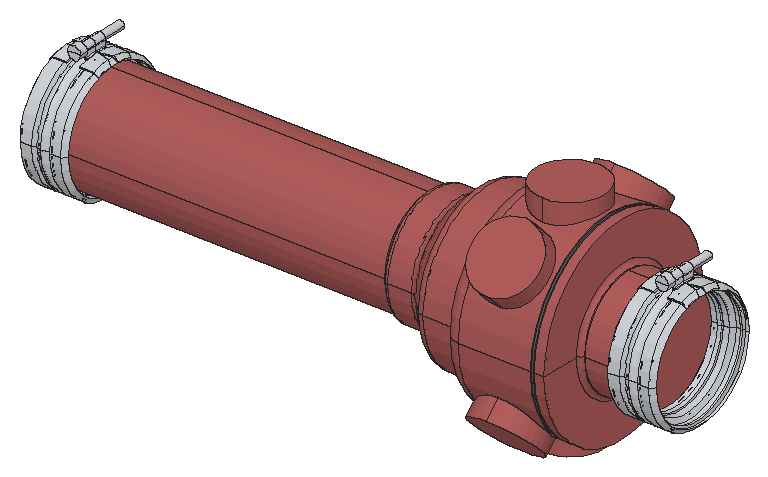
Revit family "PBUK_ES_Manifold Connector_EF095_NG", category Pipe Fittings, Revit 2024
Family settings
  Round Connector Dimension = Use Diameter
  Part Type = Union
  OmniClass Number = 23.60.30.11.14
  OmniClass Title = Pipework Fittings
  Work Plane-Based = No
  Always vertical = Yes
  Cut with Voids When Loaded = No
  Shared = No
Parameters (values of type "DN100x50mm")
  Weight = size_lookup(Lookup Table Name, "Poids", 0.00 kg, Nominal Diameter)  # 12.80 kg
  WarrantyStartDate [instance] = "Please Record On Commissioning"
  WarrantyGuarantorParts = "technical.uk@pambuilding.com"
  WarrantyGuarantorLabour = "N/A"
  WarrantyDurationUnit = "Years"
  WarrantyDurationParts = "0"
  WarrantyDurationLabour = "0"
  WarrantyDescription = "N/A"
  URL = "www.pambuilding.co.uk"
  Type IFC Predefined Type = "JUNCTION"
  TagNumber [instance] = "Please Record On Commissioning"
  System Fire Rating = "A1"  # constant formula
  Symbol Length = Nominal Diameter * 0.6  # 60 mm
  Standard = "EN 877"  # constant formula
  Show Coupling 2 [instance] = yes
  Show Coupling 1 [instance] = yes
  SerialNumber [instance] = "Please Record On Commissioning"
  Quality Marks = "Kitemark KM 51733"  # constant formula
  Product URL = "https://source.thenbs.com/product/ensign-agilium-pipes-and-fittings/odGdd3woqo2ivn36LowFqJ/xp98iyxJDKXNKK66AMoSfU"
  Product Code = size_lookup(Lookup Table Name, "REF-STD", 0, Nominal Diameter)  # 261138
  NominalWidth = B  # 165 mm
  NominalLength = Length  # 582 mm
  NominalHeight = B  # 165 mm
  Nominal Diameter = 100 mm
  ModelNumber = size_lookup(Lookup Table Name, "", "N/A", Nominal Diameter)  # "EF095"
  Model = ""
  Max Cut-Off Length = 300 mm  # constant formula
  Material Fire Rating = "A1"  # constant formula
  Material = "Cast Iron"  # constant formula
  Manufacturer Product Range = "ENSIGN AGILIUM Soil"  # constant formula
  Manufacturer = "Pam Building UK"  # constant formula
  Lookup Table Name = "EF095_Multi-Waste Manifold Connector"  # constant formula
  Length = size_lookup(Lookup Table Name, "Length", 0 mm, Nominal Diameter)  # 582 mm
  Keynote = "Manifold"  # constant formula
  K = size_lookup(Lookup Table Name, "K", 0 mm, Nominal Diameter)  # 5.4 mm
  J = size_lookup(Lookup Table Name, "J", 0 mm, Nominal Diameter)  # 73 mm
  InstallationDate [instance] = "Please Record On Commissioning"
  Inlet Nominal Diameter = 50 mm
  Inlet Length = I / 2 + 15 mm  # 115 mm
  Inlet External Diameter = 70 mm  # constant formula
  I = size_lookup(Lookup Table Name, "I", 0 mm, Nominal Diameter)  # 200 mm
  H = size_lookup(Lookup Table Name, "H", 0 mm, Nominal Diameter)  # 32.85 mm
  G = size_lookup(Lookup Table Name, "G", 0 mm, Nominal Diameter)  # 30.8 mm
  F = size_lookup(Lookup Table Name, "F", 0 mm, Nominal Diameter)  # 22.93 mm
  Export Type to IFC As = "IfcPipeFittingType"
  E = size_lookup(Lookup Table Name, "E", 0 mm, Nominal Diameter)  # 7.07 mm
  Dx [instance] = if(and([Cut-Off Spigot Length] > 0 mm, [Cut-Off Spigot Length] < [Max Cut-Off Length] + 0.1 mm), D - [Cut-Off Spigot Length], D)  # 340 mm
  DurationUnit = "Years"
  Dext = size_lookup(Lookup Table Name, "Dext", 0 mm, Nominal Diameter)  # 110 mm
  Description = "Multi-Waste Manifold Connector"  # constant formula
  Default Elevation = 0 mm
  D = size_lookup(Lookup Table Name, "D", 0 mm, Nominal Diameter)  # 340 mm
  D1 = size_lookup(Lookup Table Name, "D1", 0 mm, Nominal Diameter)  # 3.55 mm
  Cut-Off Spigot Length [instance] = 0 mm
  CreatedOn = "2019-12-15T10:00:00"
  CreatedBy = "technical.uk@pambuilding.com"
  Coupling Rotation 2 [instance] = 90.00°
  Coupling Rotation 1 [instance] = 90.00°
  Connection Gap 2 [instance] = if(Show Coupling 2, size_lookup(Lookup Table Name, "ConnectionGap", 0 mm, Nominal Diameter), 0 mm)  # 4 mm
  Connection Gap 1 [instance] = if(Show Coupling 1, size_lookup(Lookup Table Name, "ConnectionGap", 0 mm, Nominal Diameter), 0 mm)  # 4 mm
  ClassificationValue = "Pr_65_52_03_12"
  ClassificationName = "Uniclass2015"
  C = size_lookup(Lookup Table Name, "C", 0 mm, Nominal Diameter)  # 45 mm
  BarCode [instance] = "Please Record On Commissioning"
  B = size_lookup(Lookup Table Name, "B", 0 mm, Nominal Diameter)  # 165 mm
  AssetType = "Fixed"
  AssetIdentifier [instance] = "Please Record On Commissioning"
  A = size_lookup(Lookup Table Name, "A", 0 mm, Nominal Diameter)  # 120 mm
Types (2, lengths in mm): name | Weight | Symbol Length | Product Code | NominalWidth | NominalLength | NominalHeight | Nominal Diameter | Length | K | J | Inlet Length | I | H | G | F | E | Dx | Dext | D | D1 | Coupling Rotation 2 | Coupling Rotation 1 | C | B | A
  DN100x50mm | 12.80 kg | 60 | 261138 | 165 | 582 | 165 | 100 | 582 | 5.4 | 73 | 115 | 200 | 32.85 | 30.8 | 22.93 | 7.07 | 340 | 110 | 340 | 3.55 | 90.00° | 90.00° | 45 | 165 | 120
  DN150x50mm | 17.30 kg | 90 | 261434 | 220 | 591 | 220 | 150 | 591 | 1.9 | 76.5 | 132.5 | 235 | 26.5 | 33.3 | 25.85 | 7.9 | 345 | 160 | 345 | 4.35 | 0.00° | 0.00° | 55 | 220 | 170
Reference planes
  plane 1 "Center (Front/Back)": y = 0
  plane 2: z = 0
  plane 3 "Center (Left/Right)": x = 0
  plane 4: x = 98.5
  plane 5: x = -38.5
  plane 6: x = -483.5
  plane 7: x = -143.5
  plane 8: x = 53.5
  plane 9: y = 60
  plane 10: y = -60
  plane 11: y = 82.5
  plane 12: y = -82.5
  plane 13: x = -136.43
  plane 14: x = -113.5
  plane 15: x = -82.7
  plane 16: y = 55
  plane 17: y = -55
  plane 18: x = -139.95
  plane 19: x = -106.43
  plane 20: y = 62.93
  plane 21: x = -89.77
  plane 22: x = -49.85
  plane 23: y = 100
  plane 24: y = -100
  plane 25: x = 39.9
  plane 26: x = -33.1
  plane 27: y = 100
  plane 28: y = -100
  plane 29: y = 100
  plane 30: y = -100
  plane 31: y = 55
  plane 32: y = -55
  plane 33: x = 58.5
  plane 34: z = 100
  plane 35: z = -100
  plane 36: x = -483.5
  plane 37: x = -487.5
  plane 38: x = 102.5
Forms (mm)
  Revolve 1, solid, material "PAM Cast iron - Ensign Soil", detail levels fine
    sketch origin (0, 0, 0) x (1, 0, 0) y (0, 1, 0)
      loop
        line (-143.5, 55) -> (-143.5, 0) -> (39.9, 0) -> (39.9, 100) -> (-33.1, 100)
        arc (-33.1, 100) -> (-45.212, 94.827) -> (-49.85, 82.5) r 16.766
        line (-49.85, 82.5) -> (-82.7, 82.5)
        arc (-82.7, 82.5) -> (-86.526, 81.752) -> (-89.77, 79.59) r 9.936
        line (-89.77, 79.59) -> (-106.43, 62.93)
        arc (-106.43, 62.93) -> (-109.673, 60.762) -> (-113.5, 60) r 9.995
        line (-113.5, 60) -> (-136.43, 60)
        arc (-136.43, 60) -> (-138.335, 59.627) -> (-139.95, 58.55) r 4.951
        line (-139.95, 58.55) -> (-143.5, 55)
      axis (39.9, 0) -> (-143.5, 0)
    angle from 0 to 360
  Revolve 2, solid, material "EPDM Rubber", detail levels fine
    sketch origin (0, 0, 0) x (1, 0, 0) y (0, 1, 0)
      loop
        line (39.9, 100) -> (39.9, 0) -> (42.9, 0) -> (42.9, 100) -> (39.9, 100)
      axis (42.9, 0) -> (39.9, 0)
    angle from 0 to 360
  Revolve 3, solid, material "PAM Cast iron - Ensign Soil", detail levels fine
    sketch origin (0, 0, 0) x (1, 0, 0) y (0, 1, 0)
      loop
        line (42.9, 100) -> (42.9, 0) -> (58.5, 0) -> (58.5, 55)
        arc (58.5, 55) -> (54.964, 56.464) -> (53.5, 60) r 5
        line (53.5, 60) -> (53.5, 100) -> (42.9, 100)
      axis (58.5, 0) -> (42.9, 0)
    angle from 0 to 360
  Sweep 4, solid, material "PAM Cast iron - Ensign Soil", detail levels fine
    path in 3D
      loop
        line (0, 0, 0) -> (0, 81.317, 81.317)
    profile origin (0, 40.659, 40.659) x (0, -0.707107, 0.707107) y (1, 0, 0)
      loop
        circle (0, 0) r 35
  Sweep 5, solid, material "PAM Cast iron - Ensign Soil", detail levels fine
    path in 3D
      loop
        line (0, 0, 0) -> (0, 0, 115)
    profile origin (0, 0, 57.5) x (0, -1, 0) y (1, 0, 0)
      loop
        circle (0, 0) r 35
  Sweep 6, solid, material "PAM Cast iron - Ensign Soil", detail levels fine
    path in 3D
      loop
        line (0, 0, 0) -> (0, -81.317, 81.317)
    profile origin (0, -40.659, 40.659) x (0, -0.707107, -0.707107) y (1, 0, 0)
      loop
        circle (0, 0) r 35
  Sweep 7, solid, material "PAM Cast iron - Ensign Soil", detail levels fine
    path in 3D
      loop
        line (0, 0, 0) -> (0, 81.317, -81.317)
    profile origin (0, 40.659, -40.659) x (0, 0.707107, 0.707107) y (1, 0, 0)
      loop
        circle (0, 0) r 35
  Sweep 8, solid, material "PAM Cast iron - Ensign Soil", detail levels fine
    path in 3D
      loop
        line (0, 0, 0) -> (0, 0, -115)
    profile origin (0, 0, -57.5) x (1, 0, 0) y (0, 1, 0)
      loop
        circle (0, 0) r 35
  Sweep 9, solid, material "PAM Cast iron - Ensign Soil", detail levels fine
    path in 3D
      loop
        line (0, 0, 0) -> (0, -81.317, -81.317)
    profile origin (0, -40.659, -40.659) x (0, 0.707107, -0.707107) y (1, 0, 0)
      loop
        circle (0, 0) r 35
  Sweep 10, solid, material "PAM Cast iron - Ensign Soil", detail levels fine
    path in 3D
      loop
        line (38, 0, 0) -> (98.5, 0, 0)
    profile "Pipeline - Round : Pipeline - Round" origin (68.25, 0, 0) x (0, 1, 0) y (0, 0, 1)
      loop
        arc (-55, 0) -> (-38.891, -38.891) -> (0, -55) r 55
        arc (0, -55) -> (38.891, -38.891) -> (55, 0) r 55
        arc (55, 0) -> (38.891, 38.891) -> (0, 55) r 55
        arc (0, 55) -> (-38.891, 38.891) -> (-55, 0) r 55
  Sweep 11, solid, material "PAM Cast iron - Ensign Soil", detail levels fine
    path in 3D
      loop
        line (-483.5, 0, 0) -> (-143.5, 0, 0)
    profile "Pipeline - Round : Pipeline - Round" origin (-313.5, 0, 0) x (0, 1, 0) y (0, 0, 1)
      loop
        arc (-55, 0) -> (-38.891, -38.891) -> (0, -55) r 55
        arc (0, -55) -> (38.891, -38.891) -> (55, 0) r 55
        arc (55, 0) -> (38.891, 38.891) -> (0, 55) r 55
        arc (0, 55) -> (-38.891, 38.891) -> (-55, 0) r 55
  Sweep 12, solid, not visible
    path origin (0, 0, 0) x (1, 0, 0) y (0, 1, 0)
      loop
        line (-487.5, 0) -> (-491.52, 0)
    profile origin (-489.51, 0, 0) x (0, -1, 0) y (0, 0, 1)
      loop
        circle (0, 0) r 55
  Sweep 13, solid, not visible
    path origin (0, 0, 0) x (1, 0, 0) y (0, 1, 0)
      loop
        line (102.5, 0) -> (106.481, 0)
    profile origin (104.491, 0, 0) x (0, 1, 0) y (0, 0, 1)
      loop
        circle (0, 0) r 55
Lines and regions (mm)
  reference lines
    curve 1: line (0, 0, 0) -> (0, 0, 115)
    curve 2: line (0, 0, 0) -> (0, -81.317, 81.317)
    curve 3: line (0, 0, 0) -> (0, 81.317, 81.317)
    curve 7: line (0, 0, 0) -> (0, 0, -115)
    curve 8: line (0, 0, 0) -> (0, -81.317, -81.317)
    curve 9: line (0, 0, 0) -> (0, 81.317, -81.317)
    curve 22: line (-483.5, 0, 0) -> (-143.5, 0, 0)
    curve 24: line (38, 0, 0) -> (98.5, 0, 0)
  sketch lines
    curve 4: line (0, 0, 0) -> (0, 81.317, 81.317)
    curve 5: line (0, 0, 0) -> (0, 0, 115)
    curve 6: line (0, 0, 0) -> (0, -81.317, 81.317)
    curve 10: line (0, 0, 0) -> (0, 81.317, -81.317)
    curve 11: line (0, 0, 0) -> (0, 0, -115)
    curve 12: line (0, 0, 0) -> (0, -81.317, -81.317)
    curve 23: line (-483.5, 0, 0) -> (-143.5, 0, 0)
    curve 25: line (38, 0, 0) -> (98.5, 0, 0)
  model lines, detail levels coarse+medium
    curve 13: line (-20, 60, 0) -> (38, 60, 0)
    curve 14: line (-20, 60, 0) -> (-20, -60, 0)
    curve 15: line (-20, -60, 0) -> (38, -60, 0)
    curve 16: line (38, -60, 0) -> (38, 60, 0)
    curve 17: line (-20, 60, 0) -> (-44.749, 35.251, 0)
    curve 18: line (-20, -60, 0) -> (-44.749, -35.251, 0)
    curve 19: line (-44.749, -35.251, 0) -> (-44.749, 35.251, 0)
    curve 20: line (-44.749, 0, 0) -> (-487.5, 0, 0)
    curve 21: line (38, 0, 0) -> (102.5, 0, 0)
Dimensions and locks
  locked: plane 5 to plane 3 "Center (Left/Right)" at 38.5
  plane 6 to plane 5 = 445 mm
  "D": plane 6 to plane 7
  equal spacing: plane 9, plane 1 "Center (Front/Back)", plane 10
  "A": plane 9 to plane 10
  equal spacing: plane 11, plane 1 "Center (Front/Back)", plane 12
  "B": plane 11 to plane 12
  "E": plane 7 to plane 13
  "F": plane 13 to plane 14
  "G": plane 14 to plane 15
  equal spacing: plane 16, plane 1 "Center (Front/Back)", plane 17
  "Dext": plane 16 to plane 17
  "D1": plane 7 to plane 18
  locked: plane 14 to plane 19 at 7.07
  plane 20 to plane 9 = 2.93 mm
  locked: plane 21 to plane 15 at 7.07
  "H": plane 15 to plane 22
  equal spacing: plane 23, plane 1 "Center (Front/Back)", plane 24
  "I": plane 23 to plane 24
  "K": plane 5 to plane 26
  "J": plane 26 to plane 25
  locked: Revolve 1 to Revolve 2 sketch curve at 3
  equal spacing: plane 27, plane 1 "Center (Front/Back)", plane 28
  "I": plane 27 to plane 28
  equal spacing: plane 29, plane 1 "Center (Front/Back)", plane 30
  "I": plane 29 to plane 30
  equal spacing: plane 31, plane 1 "Center (Front/Back)", plane 32
  "Dext": plane 31 to plane 32
  locked: plane 8 to plane 33 at 5
  equal spacing: plane 34, level, plane 35
  "I": plane 34 to plane 35
  "Inlet Length": curve 3 to curve 3
  "Inlet Length": curve 2 to curve 2
  "Inlet Length": curve 1 to curve 1
  "Inlet Length": curve 9 to curve 9
  "Inlet Length": curve 7 to curve 7
  "Inlet Length": curve 8 to curve 8
  "Symbol Length": plane 1 "Center (Front/Back)" to curve 13
  "Symbol Length": curve 15 to plane 1 "Center (Front/Back)"
  "Dx": plane 36 to plane 7
  "Length": plane 6 to plane 4
  "C": plane 8 to plane 4
  "Connection Gap 2": plane 4 to plane 38
  locked: Sweep 12 sketch curve to Sweep 12 sketch curve at 4.02
  locked: Sweep 13 sketch curve to Sweep 13 sketch curve at 3.981
  "Connection Gap 1": plane 37 to plane 36
  radius of Revolve 1 sketch curve = 4.951 mm
  radius of Revolve 1 sketch curve = 9.995 mm
  radius of Revolve 1 sketch curve = 9.936 mm
  radius of Revolve 3 sketch curve = 5 mm
  "Inlet External Diameter": diameter of Sweep 4 sketch curve
  "Inlet External Diameter": diameter of Sweep 5 sketch curve
  "Inlet External Diameter": diameter of Sweep 6 sketch curve
  "Inlet External Diameter": diameter of Sweep 7 sketch curve
  "Inlet External Diameter": diameter of Sweep 8 sketch curve
  "Inlet External Diameter": diameter of Sweep 9 sketch curve
  "Dext": diameter of Sweep 12 sketch curve
  "Dext": diameter of Sweep 13 sketch curve
  locked: plane 16 to Revolve 1 sketch curve (angle 45.00°)
  locked: plane 20 to Revolve 1 sketch curve (angle 45.00°)
  locked: curve 2 to curve 1 (angle 45.00°)
  locked: curve 1 to curve 3 (angle 45.00°)
  locked: curve 7 to curve 8 (angle 45.00°)
  locked: curve 9 to curve 7 (angle 45.00°)
  locked: curve 19 to curve 17 (angle 135.00°)
  locked: curve 18 to curve 19 (angle 135.00°)
  aligned and locked: level to plane 2
  aligned and locked: plane 7 to Revolve 1 sketch curve  (x2)
  aligned and locked: plane 9 to Revolve 1 sketch curve
  aligned and locked: plane 21 to Revolve 1 sketch curve
  aligned and locked: Revolve 1 sketch curve to plane 11
  aligned and locked: Revolve 1 sketch curve to plane 1 "Center (Front/Back)"
  aligned and locked: Revolve 2 sketch curve to Revolve 1
  aligned and locked: Revolve 3 sketch curve to Revolve 2
  aligned and locked: Revolve 3 sketch curve to plane 1 "Center (Front/Back)"
  aligned and locked: Revolve 3 sketch curve to plane 27
  aligned and locked: Revolve 2 sketch curve to plane 29
  aligned and locked: Revolve 3 sketch curve to plane 8
  aligned and locked: plane 33 to Revolve 3 sketch curve
  aligned and locked: level to curve 1
  aligned and locked: curve 20 to plane 1 "Center (Front/Back)"
  aligned and locked: plane 1 "Center (Front/Back)" to curve 21
  aligned and locked: plane 36 to curve 22
  aligned and locked: plane 7 to curve 22
  aligned and locked: plane 1 "Center (Front/Back)" to curve 22
  aligned and locked: nested 1 to plane 1 "Center (Front/Back)"
  aligned and locked: plane 37 to Sweep 12 sketch curve
  aligned and locked: Sweep 12 sketch curve to plane 1 "Center (Front/Back)"
  aligned and locked: plane 38 to Sweep 13 sketch curve
  aligned and locked: plane 1 "Center (Front/Back)" to Sweep 13 sketch curve
  aligned and locked: nested 2 to Sweep 12
  aligned and locked: plane 37 to curve 20
  aligned and locked: curve 16 to curve 24
  aligned and locked: plane 4 to curve 24
  aligned and locked: plane 38 to curve 21
Automatic sketch dimensions
  plane 1 "Center (Front/Back)" to curve 24 = 0 mm
  curve 24 to plane 4 = 60.5 mm
  curve 17 to plane 5 = 6.249 mm
  plane 5 to curve 14 = 18.5 mm
  plane 1 "Center (Front/Back)" to Revolve 1 sketch curve = 0 mm
  Revolve 1 sketch curve to plane 18 = 0 mm
  Revolve 1 sketch curve to plane 13 = 0 mm
  Revolve 1 sketch curve to plane 14 = 0 mm
  Revolve 1 sketch curve to plane 19 = 0 mm
  Revolve 1 sketch curve to plane 15 = 0 mm
  Revolve 1 sketch curve to plane 22 = 0 mm
  Revolve 1 sketch curve to plane 23 = 0 mm
  Revolve 1 sketch curve to plane 26 = 0 mm
  Revolve 1 sketch curve to plane 25 = 0 mm
  Revolve 1 sketch curve to plane 16 = 0 mm
  Revolve 1 sketch curve to plane 37 = 782.044 mm
  plane 38 to Revolve 1 sketch curve = 1614.951 mm
  plane 1 "Center (Front/Back)" to Revolve 2 sketch curve = 0 mm  (x2)
  Revolve 2 sketch curve to plane 37 = 782.044 mm
  plane 38 to Revolve 2 sketch curve = 1606.951 mm
  plane 1 "Center (Front/Back)" to Revolve 3 sketch curve = 0 mm
  Revolve 3 sketch curve to plane 31 = 0 mm
  Revolve 3 sketch curve to plane 37 = 782.044 mm
  plane 38 to Revolve 3 sketch curve = 1614.951 mm
  curve 2 to plane 1 "Center (Front/Back)" = 0 mm
  Sweep 4 sketch curve to profile plane = 0 mm  (x2)
  Sweep 5 sketch curve to profile plane = 0 mm  (x2)
  Sweep 6 sketch curve to profile plane = 0 mm  (x2)
  Sweep 7 sketch curve to profile plane = 0 mm  (x2)
  profile plane to Sweep 8 sketch curve = 0 mm
  Sweep 8 sketch curve to profile plane = 0 mm
  Sweep 9 sketch curve to profile plane = 0 mm  (x2)
  Sweep 12 sketch curve to level = 0 mm
  Sweep 12 sketch curve to profile plane = 0 mm
  Sweep 13 sketch curve to level = 0 mm
  Sweep 13 sketch curve to profile plane = 0 mm
Nested families
  nested 1: "PBUK_RAPID S NG Coupling-Rotated Assembly" at (107.5, 0, 0) x (-1, 0, 0) z (0, 0, 1), visible <- "Show Coupling 2", Visibility <- "Show Coupling 2", Nominal Diameter <- "Nominal Diameter", Rotation <- "Coupling Rotation 2", type "Standard"
    with Visibility yes, Rotation 90.00°, Nominal Diameter 100 mm
  nested 2: "PBUK_RAPID S NG Coupling-Rotated Assembly" at (-487.5, 0, 0) x (-1, 0, 0) z (0, 0, 1), visible <- "Show Coupling 1", Visibility <- "Show Coupling 1", Nominal Diameter <- "Nominal Diameter", Rotation <- "Coupling Rotation 1", type "Standard"
    with Visibility yes, Rotation 90.00°, Nominal Diameter 100 mm
  nested 3: "PBUK_ES_RAPID S NG Coupling_EC002NG" at (-485.5, 0, 0) x (-1, 0, 0) z (0, 0, 1), type "Standard"
    with Weight 0.18 kg, WarrantyStartDate "", TagNumber "", SerialNumber "", Product Code 210427, NominalWidth 48 mm, NominalLength 125 mm, NominalHeight 139 mm, Nominal Diameter 100 mm, ModelNumber "EC002NG", M 8 mm, L 48 mm, IsCustom no, InstallationDate "", H 139 mm, D 125 mm, BarCode "", AssetIdentifier ""
  nested 4: "PBUK_ES_RAPID S NG Coupling_EC002NG" at (109.5, 0, 0) x (-1, 0, 0) z (0, 0, 1), type "Standard"
    with Weight 0.18 kg, WarrantyStartDate "", TagNumber "", SerialNumber "", Product Code 210427, NominalWidth 48 mm, NominalLength 125 mm, NominalHeight 139 mm, Nominal Diameter 100 mm, ModelNumber "EC002NG", M 8 mm, L 48 mm, IsCustom no, InstallationDate "", H 139 mm, D 125 mm, BarCode "", AssetIdentifier ""
Connectors
  piping at (-487.5, 0, 0), diameter 100, driven by "Nominal Diameter"
    settings: on Sweep 12, index 1, connector inside diameter 609.6 mm, connector length 0 mm, flow factor 0, pipe flow 0.0 L/s, pressure drop 0.0 Pa, fitting loss kfactor 0, connector angle 0.00°, fixture units 0, engagement length 0 mm, angle of deflection 0.00°, flow configuration 0, flow direction 0, fitting loss method 0, system type 28, joint type 0, gender type 0, connector reference index 9, connector utility 0, adjustable connector no, is connector primary yes, connector description ""
  piping at (0, 81.317, 81.317), diameter 50, driven by "Inlet Nominal Diameter"
    settings: on Sweep 4, index 3, connector inside diameter 609.6 mm, connector length 0 mm, flow factor 0, pipe flow 0.0 L/s, pressure drop 0.0 Pa, fitting loss kfactor 0, connector angle 0.00°, fixture units 0, engagement length 0 mm, angle of deflection 0.00°, flow configuration 0, flow direction 1, fitting loss method 0, system type 16, joint type 0, gender type 0, connector reference index -1, connector utility 0, adjustable connector yes, is connector primary no, connector description ""
  piping at (0, 0, 115), diameter 50, driven by "Inlet Nominal Diameter"
    settings: on Sweep 5, index 4, connector inside diameter 609.6 mm, connector length 0 mm, flow factor 0, pipe flow 0.0 L/s, pressure drop 0.0 Pa, fitting loss kfactor 0, connector angle 0.00°, fixture units 0, engagement length 0 mm, angle of deflection 0.00°, flow configuration 0, flow direction 1, fitting loss method 0, system type 16, joint type 0, gender type 0, connector reference index -1, connector utility 0, adjustable connector yes, is connector primary no, connector description ""
  piping at (0, -81.317, 81.317), diameter 50, driven by "Inlet Nominal Diameter"
    settings: on Sweep 6, index 5, connector inside diameter 609.6 mm, connector length 0 mm, flow factor 0, pipe flow 0.0 L/s, pressure drop 0.0 Pa, fitting loss kfactor 0, connector angle 0.00°, fixture units 0, engagement length 0 mm, angle of deflection 0.00°, flow configuration 0, flow direction 1, fitting loss method 0, system type 16, joint type 0, gender type 0, connector reference index -1, connector utility 0, adjustable connector yes, is connector primary no, connector description ""
  piping at (0, -81.317, -81.317), diameter 50, driven by "Inlet Nominal Diameter"
    settings: on Sweep 9, index 6, connector inside diameter 609.6 mm, connector length 0 mm, flow factor 0, pipe flow 0.0 L/s, pressure drop 0.0 Pa, fitting loss kfactor 0, connector angle 0.00°, fixture units 0, engagement length 0 mm, angle of deflection 0.00°, flow configuration 0, flow direction 1, fitting loss method 0, system type 16, joint type 0, gender type 0, connector reference index -1, connector utility 0, adjustable connector yes, is connector primary no, connector description ""
  piping at (0, 0, -115), diameter 50, driven by "Inlet Nominal Diameter"
    settings: on Sweep 8, index 7, connector inside diameter 609.6 mm, connector length 0 mm, flow factor 0, pipe flow 0.0 L/s, pressure drop 0.0 Pa, fitting loss kfactor 0, connector angle 0.00°, fixture units 0, engagement length 0 mm, angle of deflection 0.00°, flow configuration 0, flow direction 1, fitting loss method 0, system type 16, joint type 0, gender type 0, connector reference index -1, connector utility 0, adjustable connector yes, is connector primary no, connector description ""
  piping at (0, 81.317, -81.317), diameter 50, driven by "Inlet Nominal Diameter"
    settings: on Sweep 7, index 8, connector inside diameter 609.6 mm, connector length 0 mm, flow factor 0, pipe flow 0.0 L/s, pressure drop 0.0 Pa, fitting loss kfactor 0, connector angle 0.00°, fixture units 0, engagement length 0 mm, angle of deflection 0.00°, flow configuration 0, flow direction 1, fitting loss method 0, system type 16, joint type 0, gender type 0, connector reference index -1, connector utility 0, adjustable connector yes, is connector primary no, connector description ""
  piping at (102.5, 0, 0), diameter 100, driven by "Nominal Diameter"
    settings: on Sweep 13, index 9, connector inside diameter 609.6 mm, connector length 0 mm, flow factor 0, pipe flow 0.0 L/s, pressure drop 0.0 Pa, fitting loss kfactor 0, connector angle 0.00°, fixture units 0, engagement length 0 mm, angle of deflection 0.00°, flow configuration 0, flow direction 0, fitting loss method 0, system type 28, joint type 0, gender type 0, connector reference index 1, connector utility 0, adjustable connector no, is connector primary no, connector description ""
Definition of nested family "PBUK_ES_RAPID S NG Coupling_EC002NG"
  Parameters (values of type "Standard")
    Weight [instance] = size_lookup(Lookup Table Name, "Poids", 0.00 kg, Nominal Diameter)  # 0.18 kg
    WarrantyStartDate [instance] = "Please Record On Commissioning"
    WarrantyGuarantorParts = "technical.uk@pambuilding.com"
    WarrantyGuarantorLabour = "N/A"
    WarrantyDurationUnit = "Years"
    WarrantyDurationParts = "0"
    WarrantyDurationLabour = "0"
    WarrantyDescription = "N/A"
    URL = "www.pambuilding.co.uk"
    Type IFC Predefined Type = "TRANSITION"
    TagNumber [instance] = "Please Record On Commissioning"
    System Fire Rating = "A1"  # constant formula
    Standard = "EN 877"  # constant formula
    SerialNumber [instance] = "Please Record On Commissioning"
    Quality Marks = "Kitemark KM 51733"  # constant formula
    Product URL = "https://source.thenbs.com/product/ensign-agilium-pipes-and-fittings/odGdd3woqo2ivn36LowFqJ/xp98iyxJDKXNKK66AMoSfU"
    Product Code [instance] = size_lookup(Lookup Table Name, "REF-STD", 0, Nominal Diameter)  # 210427
    NominalWidth [instance] = L  # 48 mm
    NominalLength [instance] = D  # 125 mm
    NominalHeight [instance] = H  # 139 mm
    Nominal Diameter [instance] = 100 mm
    ModelNumber [instance] = size_lookup(Lookup Table Name, "", "N/A", Nominal Diameter)  # "EC002NG"
    Material Fire Rating = "A1"  # constant formula
    Material = "Stainless Steel"  # constant formula
    Manufacturer Product Range = "ENSIGN AGILIUM Soil"  # constant formula
    Lookup Table Name = "EC002NG_RAPID S NG coupling"
    Model = ""
    M [instance] = size_lookup(Lookup Table Name, "M", 0 mm, Nominal Diameter)  # 8 mm
    L [instance] = size_lookup(Lookup Table Name, "L", 0 mm, Nominal Diameter)  # 48 mm
    Keynote = "Coupling"  # constant formula
    IsCustom [instance] = no
    InstallationDate [instance] = "Please Record On Commissioning"
    H [instance] = size_lookup(Lookup Table Name, "H", 0 mm, Nominal Diameter)  # 139 mm
    Gasket Material = "EPDM"  # constant formula
    Manufacturer = "Pam Building UK"  # constant formula
    Export Type to IFC As = "IfcPipeFittingType"
    DurationUnit = "Years"
    Description = "Stainless Steel RAPID NG Coupling"  # constant formula
    Default Elevation = 0 mm
    D [instance] = size_lookup(Lookup Table Name, "D", 0 mm, Nominal Diameter)  # 125 mm
    CreatedOn = "2019-12-15T10:00:00"
    CreatedBy = "technical.uk@pambuilding.com"
    ClassificationValue = "Pr_65_52_03_12"
    ClassificationName = "Uniclass2015"
    BarCode [instance] = "Please Record On Commissioning"
    AssetType = "Fixed"
    AssetIdentifier [instance] = "Please Record On Commissioning"
  Reference planes
    plane 1 "Centre (avant/arrière)": y = 0
    plane 2: z = 0
    plane 3 "Centre (gauche/droite)": x = 0
    plane 4: z = 76.5
    plane 5: z = -62.5
    plane 6: z = 62.5
    plane 7: z = 69.5
    plane 8: x = -24
    plane 9: y = 62.5
    plane 10: x = 24
    plane 11: y = -62.5
    plane 12: y = -58.5
    plane 13: x = -20
    plane 14: x = -7
    plane 15: x = -9
    plane 16: x = 20
    plane 17: x = 7
    plane 18: x = 9
    plane 19: x = -8
    plane 20: x = 8
    plane 21: y = -61
    plane 22: y = -60.5
    plane 23: y = -57.089
    plane 24: y = -55.579
    plane 25: y = -52.089
    plane 26: x = -2
    plane 27: x = -19.5
    plane 28: x = -10
    plane 29: x = 19.5
    plane 30: x = 10
    plane 31: x = -17.5
    plane 32: x = 17.5
    plane 33: y = -53.579
    plane 34: x = 2
    plane 35: x = -21.9
    plane 36: x = -19.4
    plane 37: x = 21.9
    plane 38: x = 19.4
  Forms (mm)
    Revolve 1, solid, detail levels fine
      sketch origin (0, 0, 0) x (1, 0, 0) y (0, 1, 0)
        loop
          line (-24, -58.5) -> (-20, -62.5) -> (-9, -62.5) -> (-7, -58.5)
          arc (-7, -58.5) -> (-4.031, -61.429) -> (0, -62.5) r 8.125
          arc (0, -62.5) -> (4.031, -61.429) -> (7, -58.5) r 8.125
          line (7, -58.5) -> (9, -62.5) -> (21, -62.5) -> (24, -58.5) -> (21.9, -58.5) -> (19.4, -61) -> (9.927, -61) -> (7.971, -57.089) -> (6.044, -57.089)
          arc (6.044, -57.089) -> (3.599, -59.937) -> (0, -61) r 6.625
          arc (0, -61) -> (-3.599, -59.937) -> (-6.044, -57.089) r 6.625
          line (-6.044, -57.089) -> (-7.971, -57.089) -> (-9.927, -61) -> (-19.4, -61) -> (-21.9, -58.5) -> (-24, -58.5)
        axis (24, 0) -> (-24, 0)
      angle from 0 to 360
    Revolve 2, solid, detail levels fine
      sketch origin (0, 0, 0) x (1, 0, 0) y (0, 1, 0)
        loop
          line (-10, -60.5) -> (-7.844, -55.579) -> (0, -55.579) -> (7.844, -55.579) -> (10, -60.5) -> (19.5, -60.5) -> (19.5, -57.089) -> (17.5, -57.089) -> (17.5, -58.5) -> (11.307, -58.5) -> (9.152, -53.579) -> (2, -53.579) -> (2, -52.089) -> (-2, -52.089) -> (-2, -53.579) -> (-9.152, -53.579) -> (-11.307, -58.5) -> (-17.5, -58.5) -> (-17.5, -57.089) -> (-19.5, -57.089) -> (-19.5, -60.5) -> (-10, -60.5)
        axis (19.5, 0) -> (-19.5, 0)
      angle from 0 to 360
  Lines and regions (mm)
    reference lines
      curve 1: line (-24, 0, 0) -> (24, 0, 0)
  Dimensions and locks
    equal spacing: plane 6, level, plane 5
    "D": plane 6 to plane 5
    "H": plane 4 to plane 5
    equal spacing: plane 8, plane 3 "Centre (gauche/droite)", plane 10
    "L": plane 8 to plane 10
    equal spacing: plane 9, plane 1 "Centre (avant/arrière)", plane 11
    "D": plane 9 to plane 11
    equal spacing: plane 15, plane 19, plane 14
    equal spacing: plane 17, plane 20, plane 18
    equal spacing: plane 8, plane 19, plane 20, plane 10
    locked: plane 21 to plane 11 at 1.5
    locked: plane 22 to plane 21 at 0.5
    locked: plane 8 to plane 13 at 4
    locked: plane 11 to plane 12 at 4
    locked: plane 23 to plane 12 at 1.411
    plane 15 to plane 19 = 1 mm
    locked: plane 17 to plane 20 at 1
    locked: plane 16 to plane 10 at 4
    locked: plane 13 to plane 27 at 0.5
    locked: plane 16 to plane 29 at 0.5
    locked: plane 28 to plane 15 at 1
    locked: plane 30 to plane 18 at 1
    locked: plane 26 to plane 3 "Centre (gauche/droite)" at 2
    locked: plane 23 to plane 25 at 5
    locked: plane 27 to plane 31 at 2
    locked: plane 29 to plane 32 at 2
    locked: plane 24 to plane 23 at 1.51
    locked: plane 33 to plane 24 at 2
    locked: plane 3 "Centre (gauche/droite)" to plane 34 at 2
    locked: plane 35 to plane 8 at 2.1
    locked: plane 35 to plane 36 at 2.5
    locked: plane 37 to plane 10 at 2.1
    locked: plane 37 to plane 38 at 2.5
    Revolve 1 sketch curve to Revolve 1 sketch curve = 1.5 mm  (x2)
    Revolve 2 sketch curve to Revolve 2 sketch curve = 2 mm  (x2)
    equal spacing: plane 4, plane 7, plane 6
    aligned and locked: level to plane 2
    aligned and locked: plane 11 to Revolve 1 sketch curve  (x2)
    aligned and locked: plane 12 to Revolve 1 sketch curve  (x2)
    aligned and locked: plane 28 to Revolve 2 sketch curve
    aligned and locked: plane 22 to Revolve 2 sketch curve
    aligned and locked: plane 27 to Revolve 2 sketch curve
    aligned and locked: Revolve 2 sketch curve to plane 24
    aligned and locked: plane 23 to Revolve 2 sketch curve
    aligned and locked: Revolve 2 sketch curve to plane 1 "Centre (avant/arrière)"
    aligned and locked: Revolve 2 sketch curve to plane 12
    aligned and locked: plane 30 to Revolve 2 sketch curve
    aligned and locked: Revolve 2 sketch curve to plane 22
    aligned and locked: Revolve 2 sketch curve to plane 29
    aligned and locked: Revolve 2 sketch curve to plane 23
    aligned and locked: plane 12 to Revolve 2 sketch curve
    aligned and locked: plane 25 to Revolve 2 sketch curve
    aligned and locked: Revolve 2 sketch curve to plane 26
    aligned and locked: plane 32 to Revolve 2 sketch curve
    aligned and locked: plane 34 to Revolve 2 sketch curve
    aligned and locked: Revolve 2 sketch curve to Revolve 2 sketch curve
    aligned and locked: Revolve 2 sketch curve to plane 31
    aligned and locked: Revolve 1 sketch curve to plane 21
    aligned and locked: plane 35 to Revolve 1 sketch curve
    aligned and locked: Revolve 1 sketch curve to plane 12
    aligned and locked: plane 36 to Revolve 1 sketch curve
    aligned and locked: plane 38 to Revolve 1 sketch curve
    aligned and locked: plane 21 to Revolve 1 sketch curve  (x2)
    aligned and locked: plane 3 "Centre (gauche/droite)" to Revolve 1 sketch curve  (x2)
    aligned and locked: plane 17 to Revolve 1 sketch curve
    aligned and locked: plane 3 "Centre (gauche/droite)" to nested 1
    aligned and locked: plane 23 to Revolve 1 sketch curve  (x4)
    aligned and locked: plane 3 "Centre (gauche/droite)" to nested 2
    aligned and locked: plane 8 to curve 1
    aligned and locked: curve 1 to plane 2
    aligned and locked: plane 7 to nested 1
  Automatic sketch dimensions
    Revolve 2 sketch curve to plane 33 = 0 mm
    Revolve 2 sketch curve to plane 3 "Centre (gauche/droite)" = 0 mm
    Revolve 2 sketch curve to plane 15 = 0.152 mm
    Revolve 2 sketch curve to plane 18 = 0.152 mm
    Revolve 2 sketch curve to plane 8 = 1976 mm
    Revolve 2 sketch curve to plane 10 = 1976 mm
    Revolve 1 sketch curve to Revolve 1 sketch curve = 0 mm  (x3)
    plane 1 "Centre (avant/arrière)" to Revolve 1 sketch curve = 0 mm
    Revolve 1 sketch curve to plane 8 = 0 mm
    Revolve 1 sketch curve to plane 13 = 0 mm
    Revolve 1 sketch curve to plane 15 = 0 mm
    Revolve 1 sketch curve to plane 14 = 0 mm
    Revolve 1 sketch curve to plane 18 = 0 mm
    Revolve 1 sketch curve to plane 37 = 0 mm
    Revolve 1 sketch curve to plane 10 = 0 mm
    plane 11 to Revolve 1 sketch curve = 0 mm
    Revolve 1 sketch curve to plane 37 = 0.9 mm
    Revolve 1 sketch curve to plane 8 = 1976 mm
    Revolve 1 sketch curve to plane 10 = 1976 mm
    plane 10 to curve 1 = 0 mm
  Nested families
    nested 1: "Bolt" at (0, -12.32, 69.5), M <- "M", type "Standard", detail levels fine
      with T 4 mm, S 6 mm, M 8 mm, L 50 mm, K 8 mm, DK 13 mm
    nested 2: "Attachment" at (0, 0, 0), D <- "D", type "Standard", detail levels fine
      with R 4 mm, L 48 mm, H 139 mm, D 125 mm, Angle de fin -110.00°, Angle de départ -70.00°
  Definition of nested family "Bolt"
    Parameters (values of type "Standard")
      T [instance] = size_lookup(Nom de la table, "T", 0 mm, M)  # 4 mm
      S [instance] = size_lookup(Nom de la table, "S", 0 mm, M)  # 6 mm
      Nom de la table = "Vis 6 pans creux"
      L [instance] = size_lookup(Nom de la table, "L", 0 mm, M)  # 50 mm
      K [instance] = size_lookup(Nom de la table, "K", 0 mm, M)  # 8 mm
      Default Elevation = 0 mm
      DK [instance] = size_lookup(Nom de la table, "DK", 0 mm, M)  # 13 mm
      M [instance] = 8 mm
    Reference planes
      plane 1 "Centre (avant/arrière)": y = 0
      plane 2: z = 0
      plane 3 "Centre (gauche/droite)": x = 0
      plane 4: y = -8
      plane 5: y = 50
      plane 6: x = -4
      plane 7: x = 4
      plane 8: x = 6.5
      plane 9: x = -6.5
      plane 10: y = -4
      plane 11: x = -4
    Forms (mm)
      Revolve 1, solid
        sketch origin (0, 0, 0) x (1, 0, 0) y (0, 1, 0)
          loop
            line (-4, 50) -> (-4, 0) -> (0, 0) -> (0, 50) -> (-4, 50)
          axis (0, 50) -> (0, 0)
        angle from 0 to 360
      Revolve 2, solid
        sketch origin (0, 0, 0) x (1, 0, 0) y (0, 1, 0)
          loop
            line (-6.5, 0) -> (-6.5, -8) -> (0, -8) -> (0, 0) -> (-6.5, 0)
          axis (0, 0) -> (0, -8)
        angle from 0 to 360
    Dimensions and locks
      equal spacing: plane 9, plane 3 "Centre (gauche/droite)", plane 8
      equal spacing: plane 6, plane 3 "Centre (gauche/droite)", plane 7
      "L": plane 5 to plane 1 "Centre (avant/arrière)"
      "K": plane 1 "Centre (avant/arrière)" to plane 4
      "DK": plane 9 to plane 8
      "M": plane 6 to plane 7
      "T": plane 10 to plane 4
      locked: plane 11 to plane 6
      aligned and locked: level to plane 2
      aligned and locked: Revolve 1 sketch curve to plane 5
      aligned and locked: plane 6 to Revolve 1 sketch curve
      aligned and locked: Revolve 1 sketch curve to plane 1 "Centre (avant/arrière)"
      aligned and locked: Revolve 1 sketch curve to plane 3 "Centre (gauche/droite)"  (x2)
      aligned and locked: plane 9 to Revolve 2 sketch curve
      aligned and locked: plane 4 to Revolve 2 sketch curve
      aligned and locked: Revolve 2 sketch curve to plane 3 "Centre (gauche/droite)"  (x2)
      aligned and locked: plane 1 "Centre (avant/arrière)" to Revolve 2 sketch curve
    Automatic sketch dimensions
      Revolve 1 sketch curve to plane 4 = 1888.796 mm
      plane 5 to Revolve 1 sketch curve = 1680 mm
      Revolve 2 sketch curve to plane 4 = 1888.796 mm
      plane 5 to Revolve 2 sketch curve = 1680 mm
  Definition of nested family "Attachment"
    Parameters (values of type "Standard")
      R [instance] = size_lookup(Nom de la table, "R", 0 mm, D)  # 4 mm
      Nom de la table = "Attache Joint PAM Rapid"
      L [instance] = size_lookup(Nom de la table, "L", 0 mm, D)  # 42 mm
      H [instance] = size_lookup(Nom de la table, "H", 0 mm, D)  # 114 mm
      Default Elevation = 0 mm
      D [instance] = 94 mm
      Angle de fin [instance] = size_lookup(Nom de la table, "Angle de fin", 0.00°, D)  # -120.00°
      Angle de départ [instance] = size_lookup(Nom de la table, "Angle de départ", 0.00°, D)  # -60.00°
    Reference planes
      plane 1 "Centre (avant/arrière)": y = 0
      plane 2: z = 0
      plane 3 "Centre (gauche/droite)": x = 0
      plane 4: y = 47
      plane 5: y = -47
      plane 6: x = -21
      plane 7: x = 21
      plane 8: x = -17
      plane 9: x = 17
      plane 10: y = 43
      plane 11: y = 43
      plane 12: z = 47
      plane 13: z = -47
      plane 14: z = 57
      plane 15: x = -4
      plane 16: y = 52
      plane 17: x = 4
      plane 18: y = 67
      plane 19: z = 67
    Forms (mm)
      Revolve 1, solid
        sketch origin (0, 0, 0) x (1, 0, 0) y (0, 1, 0)
          loop
            line (-21, 43) -> (-17, 47) -> (-6, 47)
            arc (-6, 47) -> (-4.586, 47.586) -> (-4, 49) r 2
            line (-4, 49) -> (-4, 52) -> (-5, 52) -> (-5, 49)
            arc (-5, 49) -> (-5.293, 48.293) -> (-6, 48) r 1
            line (-6, 48) -> (-17.414, 48) -> (-21.707, 43.707) -> (-21, 43)
          loop
            line (21, 43) -> (21.707, 43.707) -> (17.414, 48) -> (6, 48)
            arc (6, 48) -> (5.293, 48.293) -> (5, 49) r 1
            line (5, 49) -> (5, 52) -> (4, 52) -> (4, 49)
            arc (4, 49) -> (4.586, 47.586) -> (6, 47) r 2
            line (6, 47) -> (17, 47) -> (21, 43)
          axis (21.707, 0) -> (-21.707, 0)
        angle from -60 <- "Angle de départ" to -120 <- "Angle de fin"
      Extrusion 2, void
        sketch origin (0, 0, 0) x (1, 0, 0) y (0, 1, 0)
          loop
            line (-23.553, -5.678) -> (-9.289, -0.4) -> (-9.289, 0.4) -> (-23.553, 5.678) -> (-23.553, -5.678)
          loop
            line (23.553, -5.678) -> (23.553, 5.678) -> (9.289, 0.4) -> (9.289, -0.4) -> (23.553, -5.678)
        from 0 to 250
      Extrusion 3, void
        sketch origin (0, 0, 0) x (1, 0, 0) y (0, 1, 0)
          loop
            line (-6.711, -141.933) -> (7, -141.933) -> (7, -12.32) -> (-6.711, -12.32) -> (-6.711, -141.933)
          loop
            line (-6.711, 111.88) -> (-6.711, 12.32) -> (7, 12.32) -> (7, 111.88) -> (-6.711, 111.88)
          loop
            line (-9.289, 0.4) -> (-9.289, -0.4) -> (9.289, -0.4) -> (9.289, 0.4) -> (-9.289, 0.4)
        from 0 to 250
      Extrusion 4, solid
        sketch origin (0, 0, 0) x (1, 0, 0) y (0, 0, 1)
          loop
            line (-5, 57) -> (-5, 49.353) -> (-4, 49.353) -> (-4, 57)
            arc (-4, 57) -> (0, 61) -> (4, 57) r 4
            line (4, 57) -> (4, 49.353) -> (5, 49.353) -> (5, 57)
            arc (5, 57) -> (0, 62) -> (-5, 57) r 5
        from -12.5 to 12.5
    Cuts and joins
      Extrusion 2, Extrusion 3 cuts Revolve 1
      Extrusion 3 cuts Extrusion 4
      joined: Revolve 1, Extrusion 4
    Dimensions and locks
      equal spacing: plane 4, plane 1 "Centre (avant/arrière)", plane 5
      "D": plane 4 to plane 5
      equal spacing: plane 6, plane 3 "Centre (gauche/droite)", plane 7
      "L": plane 6 to plane 7
      locked: plane 6 to plane 8 at 4
      locked: plane 7 to plane 9 at 4
      locked: plane 4 to plane 10 at 4
      locked: plane 4 to plane 11 at 4
      equal spacing: plane 12, level, plane 13
      "D": plane 12 to plane 13
      "R": plane 15 to plane 3 "Centre (gauche/droite)"
      plane 16 to plane 4 = 5 mm
      "R": plane 3 "Centre (gauche/droite)" to plane 17
      Revolve 1 sketch curve to Revolve 1 sketch curve = 1 mm  (x4)
      Extrusion 4 sketch curve to Extrusion 4 sketch curve = 1 mm  (x2)
      "H": plane 5 to plane 18
      "H": plane 19 to plane 13
      equal spacing: plane 19, plane 14, plane 12
      radius of Revolve 1 sketch curve = 1 mm  (x2)
      radius of Revolve 1 sketch curve = 2 mm  (x2)
      "R": radius of Extrusion 4 sketch curve
      aligned and locked: level to plane 2
      aligned and locked: Revolve 1 sketch curve to plane 1 "Centre (avant/arrière)"
      aligned and locked: Revolve 1 sketch curve to plane 15
      aligned and locked: plane 16 to Revolve 1 sketch curve
      aligned and locked: Revolve 1 sketch curve to Revolve 1 sketch curve
      aligned and locked: Revolve 1 sketch curve to plane 17
    Automatic sketch dimensions
      Extrusion 2 sketch curve to plane 6 = 2.553 mm
      Extrusion 2 sketch curve to plane 7 = 2.553 mm
      plane 1 "Centre (avant/arrière)" to Extrusion 2 sketch curve = 5.678 mm  (x2)
      plane 1 "Centre (avant/arrière)" to Extrusion 2 sketch curve = 0.4 mm  (x2)
      Extrusion 2 sketch curve to plane 1 "Centre (avant/arrière)" = 0.4 mm  (x2)
      Extrusion 2 sketch curve to plane 1 "Centre (avant/arrière)" = 5.678 mm  (x2)
      plane 1 "Centre (avant/arrière)" to Extrusion 3 sketch curve = 141.933 mm
      plane 1 "Centre (avant/arrière)" to Extrusion 3 sketch curve = 12.32 mm
      plane 1 "Centre (avant/arrière)" to Extrusion 3 sketch curve = 0.4 mm
      Extrusion 3 sketch curve to plane 1 "Centre (avant/arrière)" = 0.4 mm
      Extrusion 3 sketch curve to Extrusion 3 sketch curve = 11.92 mm
      Extrusion 3 sketch curve to Extrusion 3 sketch curve = 99.56 mm
      plane 3 "Centre (gauche/droite)" to Extrusion 2 sketch curve = 9.289 mm
      plane 3 "Centre (gauche/droite)" to Extrusion 3 sketch curve = 7 mm  (x2)
      plane 3 "Centre (gauche/droite)" to Extrusion 3 sketch curve = 9.289 mm
      Extrusion 2 sketch curve to plane 3 "Centre (gauche/droite)" = 9.289 mm
      Extrusion 3 sketch curve to plane 3 "Centre (gauche/droite)" = 6.711 mm  (x2)
      Extrusion 3 sketch curve to plane 3 "Centre (gauche/droite)" = 9.289 mm
      Revolve 1 sketch curve to Revolve 1 sketch curve = 0 mm  (x2)
      Revolve 1 sketch curve to plane 6 = 0 mm
      Revolve 1 sketch curve to plane 4 = 0 mm  (x2)
      Revolve 1 sketch curve to plane 8 = 0 mm
      Revolve 1 sketch curve to plane 9 = 0 mm
      Revolve 1 sketch curve to plane 7 = 0 mm
      plane 10 to Revolve 1 sketch curve = 0 mm
      Revolve 1 sketch curve to plane 10 = 0 mm
      Revolve 1 sketch curve to plane 6 = 0.707 mm
      Revolve 1 sketch curve to plane 9 = 0.414 mm
      Revolve 1 sketch curve to plane 6 = 1976 mm
      Revolve 1 sketch curve to plane 7 = 1976 mm
      Extrusion 4 sketch curve to Extrusion 4 sketch curve = 0 mm  (x2)
      Extrusion 4 sketch curve to plane 14 = 0 mm
      Extrusion 4 sketch curve to plane 15 = 0 mm
      plane 12 to Extrusion 4 sketch curve = 2.353 mm  (x2)
